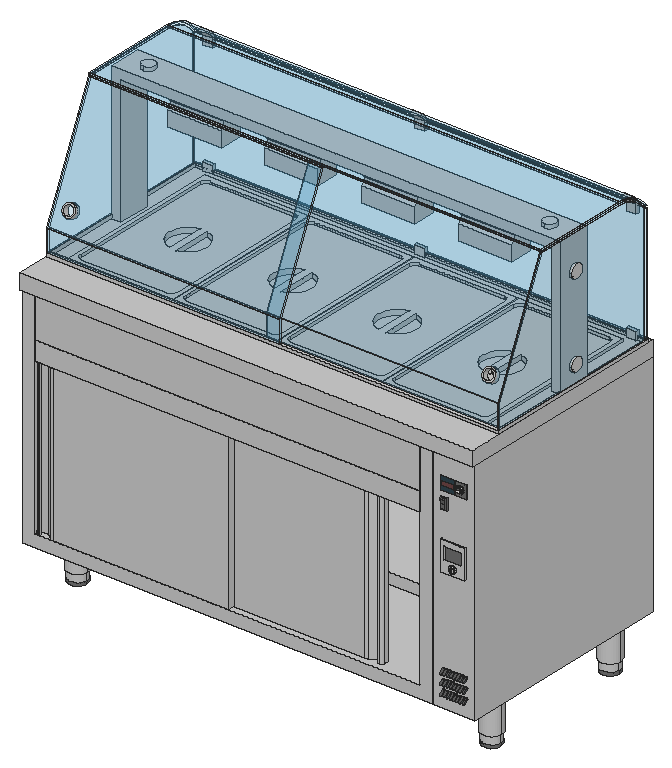
Revit family "QF_INOMAK_MFV714_250606105303", category Specialty Equipment, Revit 2021 (continued)
Definition of nested family "QF_INOMAK_LEGS_6254"
  Definition of nested family "QF_INOMAK_LEG"
    Forms (mm)
      Extrusion 1, solid
        sketch origin (0, 0, 118) x (0, 1, 0) y (-1, 0, 0)
          loop
            line (50, 45) -> (-50, 45) -> (-50, -45) -> (50, -45) -> (50, 45)
        from 0 to -3
      Extrusion 2, solid
        sketch origin (-199.986, 580, 0) x (1, 0, 0) y (0, 1, 0)
          loop
            circle (199.986, -580) r 28
        from 9 to 35
      Extrusion 3, solid
        sketch origin (-199.986, 580, 0) x (1, 0, 0) y (0, 1, 0)
          loop
            circle (199.986, -580) r 28.5
        from 0 to 9
      Sweep 4, solid
        path origin (0, 0, 0) x (0, 1, 0) y (0, 0, 1)
          loop
            line (0, 115) -> (0, 35)
        profile origin (0, 0, 75) x (1, 0, 0) y (0, 1, 0)
          loop
            circle (0, 0) r 32
    Dimensions and locks
      "Height": plane 4 "Top" to plane 2
      aligned and locked: level to plane 2
    Automatic sketch dimensions
      plane 1 "Center (Front/Back)" to Extrusion 1 sketch curve = 50 mm
      Extrusion 1 sketch curve to plane 1 "Center (Front/Back)" = 50 mm
      plane 3 "Center (Left/Right)" to Extrusion 1 sketch curve = 45 mm
      Extrusion 1 sketch curve to plane 3 "Center (Left/Right)" = 45 mm
      plane 1 "Center (Front/Back)" to Extrusion 2 sketch curve = 0 mm
      Extrusion 2 sketch curve to plane 3 "Center (Left/Right)" = 0 mm
      plane 1 "Center (Front/Back)" to Extrusion 3 sketch curve = 0 mm
      Extrusion 3 sketch curve to plane 3 "Center (Left/Right)" = 0 mm
      Sweep 4 sketch curve to plane 1 "Center (Front/Back)" = 0 mm
      level to Sweep 4 sketch curve = 35 mm
      Sweep 4 sketch curve to plane 4 "Top" = 3 mm
      Sweep 4 sketch curve to plane 3 "Center (Left/Right)" = 0 mm
      profile plane to Sweep 4 sketch curve = 0 mm
      radius of Extrusion 2 sketch curve = 28 mm
      radius of Extrusion 3 sketch curve = 28.5 mm
      radius of Sweep 4 sketch curve = 32 mm
Definition of nested family "CONN_POINT_COLDWATER_2D___Generic_Annotation"
  Parameters (values of type "CONN_POINT_COLDWATER_2D___Generic_Annotation")
    Onboard connection annotation symbol visibility [instance] = yes
  Reference planes
    plane 1: y = 0
    plane 2: x = 0
  Lines and regions (mm)
    detail lines, visible <- "Onboard connection annotation symbol visibility"
      curve 1: circle (0, 0, 0) r 0.5 normal (0, 0, 1)
      curve 2: line (-1, 0, 0) -> (1, 0, 0)
      curve 3: line (0, 1, 0) -> (0, -1, 0)
      curve 4: line (3.241, 1, 0) -> (3.717, -1, 0)
      curve 5: line (3.717, -1, 0) -> (4.193, 1, 0)
      curve 6: line (4.193, 1, 0) -> (4.669, -1, 0)
      curve 7: line (4.669, -1, 0) -> (5.145, 1, 0)
      curve 8: arc (2.67, 0.524, 0) -> (2.004, 1, 0) -> (1.337, 0.524, 0) r 0.704
      curve 9: arc (1.337, -0.524, 0) -> (2.004, -1, 0) -> (2.67, -0.524, 0) r 0.704
      curve 10: arc (1.337, 0.524, 0) -> (1.25, 0, 0) -> (1.337, -0.524, 0) r 1.616
Definition of nested family "CONN_POINT_DRAIN_2D___Generic_Annotation"
  Parameters (values of type "CONN_POINT_DRAIN_2D___Generic_Annotation")
    Onboard connection annotation symbol visibility [instance] = yes
  Reference planes
    plane 1: y = 0
    plane 2: x = 0
  Lines and regions (mm)
    detail lines, visible <- "Onboard connection annotation symbol visibility"
      curve 1: circle (0, 0, 0) r 0.5 normal (0, 0, 1)
      curve 2: line (-1, 0, 0) -> (1, 0, 0)
      curve 3: line (0, 1, 0) -> (0, -1, 0)
      curve 4: line (1.776, 1, 0) -> (1.25, 1, 0)
      curve 5: line (1.25, 1, 0) -> (1.25, -1, 0)
      curve 6: line (1.25, -1, 0) -> (1.776, -1, 0)
      curve 7: arc (2.206, -0.862, 0) -> (2.459, -0.589, 0) -> (2.583, -0.238, 0) r 0.918
      curve 8: arc (2.583, 0.238, 0) -> (2.459, 0.589, 0) -> (2.206, 0.862, 0) r 0.918
      curve 9: arc (2.583, -0.238, 0) -> (2.599, 0, 0) -> (2.583, 0.238, 0) r 1.77
      curve 10: arc (2.206, 0.862, 0) -> (2.002, 0.965, 0) -> (1.776, 1, 0) r 0.741
      curve 11: arc (1.776, -1, 0) -> (2.002, -0.965, 0) -> (2.206, -0.862, 0) r 0.741
Definition of nested family "CONN_POINT_ELE_2D___Generic_Annotation"
  Parameters (values of type "CONN_POINT_ELE_2D___Generic_Annotation")
    Onboard connection annotation symbol visibility [instance] = yes
  Reference planes
    plane 1: y = 0
    plane 2: x = 0
  Lines and regions (mm)
    detail lines, visible <- "Onboard connection annotation symbol visibility"
      curve 1: circle (0, 0, 0) r 0.5 normal (0, 0, 1)
      curve 2: line (-1, 0, 0) -> (1, 0, 0)
      curve 3: line (0, 1, 0) -> (0, -1, 0)
      curve 4: line (2.5, 1, 0) -> (1.25, 1, 0)
      curve 5: line (1.25, 1, 0) -> (1.25, -1, 0)
      curve 6: line (1.25, -1, 0) -> (2.5, -1, 0)
      curve 7: line (1.25, 0, 0) -> (2, 0, 0)
